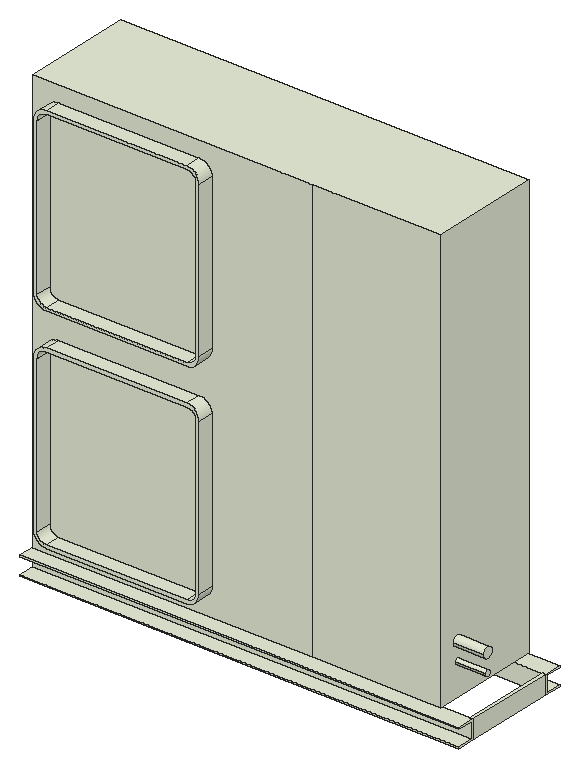
Revit family "Hydrablock 12-14-16", category Attrezzatura meccanica, Revit 2022 (continued)
Automatic sketch dimensions
  curve 48 to curve 67 = 0.000 mm  (x2)
  curve 48 to curve 68 = 0.000 mm  (x2)
  curve 49 to curve 50 = 0.000 mm  (x2)
  curve 49 to curve 51 = 0.000 mm  (x2)
  curve 49 to curve 52 = 0.000 mm  (x2)
  curve 49 to curve 53 = 0.000 mm  (x2)
  curve 49 to curve 54 = 0.000 mm  (x2)
  curve 49 to curve 55 = 0.000 mm  (x2)
  curve 49 to curve 56 = 0.000 mm  (x2)
  curve 49 to curve 57 = 0.000 mm  (x2)
  curve 49 to curve 58 = 0.000 mm  (x2)
  curve 49 to curve 59 = 0.000 mm  (x2)
  curve 49 to curve 60 = 0.000 mm  (x2)
  curve 49 to curve 61 = 0.000 mm  (x2)
  curve 49 to curve 62 = 0.000 mm  (x2)
  curve 49 to curve 63 = 0.000 mm  (x2)
  curve 49 to curve 64 = 0.000 mm  (x2)
  curve 49 to curve 65 = 0.000 mm  (x2)
  curve 49 to curve 66 = 0.000 mm  (x2)
  curve 49 to curve 67 = 0.000 mm  (x2)
  curve 49 to curve 68 = 0.000 mm  (x2)
  curve 50 to curve 51 = 0.000 mm  (x2)
  curve 50 to curve 52 = 0.000 mm  (x2)
  curve 50 to curve 53 = 0.000 mm  (x2)
  curve 50 to curve 54 = 0.000 mm  (x2)
  curve 50 to curve 55 = 0.000 mm  (x2)
  curve 50 to curve 56 = 0.000 mm  (x2)
  curve 50 to curve 57 = 0.000 mm  (x2)
  curve 50 to curve 58 = 0.000 mm  (x2)
  curve 50 to curve 59 = 0.000 mm  (x2)
  curve 50 to curve 60 = 0.000 mm  (x2)
  curve 50 to curve 61 = 0.000 mm  (x2)
  curve 50 to curve 62 = 0.000 mm  (x2)
  curve 50 to curve 63 = 0.000 mm  (x2)
  curve 50 to curve 64 = 0.000 mm  (x2)
  curve 50 to curve 65 = 0.000 mm  (x2)
  curve 50 to curve 66 = 0.000 mm  (x2)
  curve 50 to curve 67 = 0.000 mm  (x2)
  curve 50 to curve 68 = 0.000 mm  (x2)
  curve 51 to curve 52 = 0.000 mm  (x2)
  curve 51 to curve 53 = 0.000 mm  (x2)
  curve 51 to curve 54 = 0.000 mm  (x2)
  curve 51 to curve 55 = 0.000 mm  (x2)
  curve 51 to curve 56 = 0.000 mm  (x2)
  curve 51 to curve 57 = 0.000 mm  (x2)
  curve 51 to curve 58 = 0.000 mm  (x2)
  curve 51 to curve 59 = 0.000 mm  (x2)
  curve 51 to curve 60 = 0.000 mm  (x2)
  curve 51 to curve 61 = 0.000 mm  (x2)
  curve 51 to curve 62 = 0.000 mm  (x2)
  curve 51 to curve 63 = 0.000 mm  (x2)
  curve 51 to curve 64 = 0.000 mm  (x2)
  curve 51 to curve 65 = 0.000 mm  (x2)
  curve 51 to curve 66 = 0.000 mm  (x2)
  curve 51 to curve 67 = 0.000 mm  (x2)
  curve 51 to curve 68 = 0.000 mm  (x2)
  curve 52 to curve 53 = 0.000 mm  (x2)
  curve 52 to curve 54 = 0.000 mm  (x2)
  curve 52 to curve 55 = 0.000 mm  (x2)
  curve 52 to curve 56 = 0.000 mm  (x2)
  curve 52 to curve 57 = 0.000 mm  (x2)
  curve 52 to curve 58 = 0.000 mm  (x2)
  curve 52 to curve 59 = 0.000 mm  (x2)
  curve 52 to curve 60 = 0.000 mm  (x2)
  curve 52 to curve 61 = 0.000 mm  (x2)
  curve 52 to curve 62 = 0.000 mm  (x2)
  curve 52 to curve 63 = 0.000 mm  (x2)
  curve 52 to curve 64 = 0.000 mm  (x2)
  curve 52 to curve 65 = 0.000 mm  (x2)
  curve 52 to curve 66 = 0.000 mm  (x2)
  curve 52 to curve 67 = 0.000 mm  (x2)
  curve 52 to curve 68 = 0.000 mm  (x2)
  curve 53 to curve 54 = 0.000 mm  (x2)
  curve 53 to curve 55 = 0.000 mm  (x2)
  curve 53 to curve 56 = 0.000 mm  (x2)
  curve 53 to curve 57 = 0.000 mm  (x2)
  curve 53 to curve 58 = 0.000 mm  (x2)
  curve 53 to curve 59 = 0.000 mm  (x2)
  curve 53 to curve 60 = 0.000 mm  (x2)
  curve 53 to curve 61 = 0.000 mm  (x2)
  curve 53 to curve 62 = 0.000 mm  (x2)
  curve 53 to curve 63 = 0.000 mm  (x2)
  curve 53 to curve 64 = 0.000 mm  (x2)
  curve 53 to curve 65 = 0.000 mm  (x2)
  curve 53 to curve 66 = 0.000 mm  (x2)
  curve 53 to curve 67 = 0.000 mm  (x2)
  curve 53 to curve 68 = 0.000 mm  (x2)
  curve 54 to curve 55 = 0.000 mm  (x2)
  curve 54 to curve 56 = 0.000 mm  (x2)
  curve 54 to curve 57 = 0.000 mm  (x2)
  curve 54 to curve 58 = 0.000 mm  (x2)
  curve 54 to curve 59 = 0.000 mm  (x2)
  curve 54 to curve 60 = 0.000 mm  (x2)
  curve 54 to curve 61 = 0.000 mm  (x2)
  curve 54 to curve 62 = 0.000 mm  (x2)
  curve 54 to curve 63 = 0.000 mm  (x2)
  curve 54 to curve 64 = 0.000 mm  (x2)
  curve 54 to curve 65 = 0.000 mm  (x2)
  curve 54 to curve 66 = 0.000 mm  (x2)
  curve 54 to curve 67 = 0.000 mm  (x2)
  curve 54 to curve 68 = 0.000 mm  (x2)
  curve 55 to curve 56 = 0.000 mm  (x2)
  curve 55 to curve 57 = 0.000 mm  (x2)
  curve 55 to curve 58 = 0.000 mm  (x2)
  curve 55 to curve 59 = 0.000 mm  (x2)
  curve 55 to curve 60 = 0.000 mm  (x2)
  curve 55 to curve 61 = 0.000 mm  (x2)
  curve 55 to curve 62 = 0.000 mm  (x2)
  curve 55 to curve 63 = 0.000 mm  (x2)
  curve 55 to curve 64 = 0.000 mm  (x2)
  curve 55 to curve 65 = 0.000 mm  (x2)
  curve 55 to curve 66 = 0.000 mm  (x2)
  curve 55 to curve 67 = 0.000 mm  (x2)
  curve 55 to curve 68 = 0.000 mm  (x2)
  curve 56 to curve 57 = 0.000 mm  (x2)
  curve 56 to curve 58 = 0.000 mm  (x2)
  curve 56 to curve 59 = 0.000 mm  (x2)
  curve 56 to curve 60 = 0.000 mm  (x2)
  curve 56 to curve 61 = 0.000 mm  (x2)
  curve 56 to curve 62 = 0.000 mm  (x2)
  curve 56 to curve 63 = 0.000 mm  (x2)
  curve 56 to curve 64 = 0.000 mm  (x2)
  curve 56 to curve 65 = 0.000 mm  (x2)
  curve 56 to curve 66 = 0.000 mm  (x2)
  curve 56 to curve 67 = 0.000 mm  (x2)
  curve 56 to curve 68 = 0.000 mm  (x2)
  curve 57 to curve 58 = 0.000 mm  (x2)
  curve 57 to curve 59 = 0.000 mm  (x2)
  curve 57 to curve 60 = 0.000 mm  (x2)
  curve 57 to curve 61 = 0.000 mm  (x2)
  curve 57 to curve 62 = 0.000 mm  (x2)
  curve 57 to curve 63 = 0.000 mm  (x2)
  curve 57 to curve 64 = 0.000 mm  (x2)
  curve 57 to curve 65 = 0.000 mm  (x2)
  curve 57 to curve 66 = 0.000 mm  (x2)
  curve 57 to curve 67 = 0.000 mm  (x2)
  curve 57 to curve 68 = 0.000 mm  (x2)
  curve 58 to curve 59 = 0.000 mm  (x2)
  curve 58 to curve 60 = 0.000 mm  (x2)
  curve 58 to curve 61 = 0.000 mm  (x2)
  curve 58 to curve 62 = 0.000 mm  (x2)
  curve 58 to curve 63 = 0.000 mm  (x2)
  curve 58 to curve 64 = 0.000 mm  (x2)
  curve 58 to curve 65 = 0.000 mm  (x2)
  curve 58 to curve 66 = 0.000 mm  (x2)
  curve 58 to curve 67 = 0.000 mm  (x2)
  curve 58 to curve 68 = 0.000 mm  (x2)
  curve 59 to curve 60 = 0.000 mm  (x2)
  curve 59 to curve 61 = 0.000 mm  (x2)
  curve 59 to curve 62 = 0.000 mm  (x2)
  curve 59 to curve 63 = 0.000 mm  (x2)
  curve 59 to curve 64 = 0.000 mm  (x2)
  curve 59 to curve 65 = 0.000 mm  (x2)
  curve 59 to curve 66 = 0.000 mm  (x2)
  curve 59 to curve 67 = 0.000 mm  (x2)
  curve 59 to curve 68 = 0.000 mm  (x2)
  curve 60 to curve 61 = 0.000 mm  (x2)
  curve 60 to curve 62 = 0.000 mm  (x2)
  curve 60 to curve 63 = 0.000 mm  (x2)
  curve 60 to curve 64 = 0.000 mm  (x2)
  curve 60 to curve 65 = 0.000 mm  (x2)
  curve 60 to curve 66 = 0.000 mm  (x2)
  curve 60 to curve 67 = 0.000 mm  (x2)
  curve 60 to curve 68 = 0.000 mm  (x2)
  curve 61 to curve 62 = 0.000 mm  (x2)
  curve 61 to curve 63 = 0.000 mm  (x2)
  curve 61 to curve 64 = 0.000 mm  (x2)
  curve 61 to curve 65 = 0.000 mm  (x2)
  curve 61 to curve 66 = 0.000 mm  (x2)
  curve 61 to curve 67 = 0.000 mm  (x2)
  curve 61 to curve 68 = 0.000 mm  (x2)
  curve 62 to curve 63 = 0.000 mm  (x2)
  curve 62 to curve 64 = 0.000 mm  (x2)
  curve 62 to curve 65 = 0.000 mm  (x2)
  curve 62 to curve 66 = 0.000 mm  (x2)
  curve 62 to curve 67 = 0.000 mm  (x2)
  curve 62 to curve 68 = 0.000 mm  (x2)
  curve 63 to curve 64 = 0.000 mm  (x2)
  curve 63 to curve 65 = 0.000 mm  (x2)
  curve 63 to curve 66 = 0.000 mm  (x2)
  curve 63 to curve 67 = 0.000 mm  (x2)
  curve 63 to curve 68 = 0.000 mm  (x2)
  curve 64 to curve 65 = 0.000 mm  (x2)
  curve 64 to curve 66 = 0.000 mm  (x2)
  curve 64 to curve 67 = 0.000 mm  (x2)
  curve 64 to curve 68 = 0.000 mm  (x2)
  curve 65 to curve 66 = 0.000 mm  (x2)
  curve 65 to curve 67 = 0.000 mm  (x2)
  curve 65 to curve 68 = 0.000 mm  (x2)
  curve 66 to curve 67 = 0.000 mm  (x2)
  curve 66 to curve 68 = 0.000 mm  (x2)
  curve 67 to curve 68 = 0.000 mm  (x2)
  curve 3 to Extrusion 4 = 0.000 mm  (x2)
  Extrusion 4 to curve 3 = 253.000 mm
  Extrusion 4 to curve 2 = 0.000 mm
  curve 57 to Extrusion 4 = 0.000 mm
  Extrusion 4 to curve 72 = 4.389 mm
  Extrusion 4 to curve 73 = 5.000 mm
  Extrusion 4 to curve 72 = 0.776 mm
  Extrusion 4 to curve 72 = 23.221 mm
  Extrusion 4 to curve 29 = 30.000 mm
  curve 72 to curve 31 = 6.779 mm
  curve 29 to curve 46 = 11.058 mm
  curve 31 to curve 53 = 11.058 mm
  curve 53 to curve 52 = 16.784 mm
  curve 46 to curve 45 = 16.784 mm
  curve 45 to curve 75 = 17.795 mm
  curve 44 to curve 75 = 0.000 mm
  curve 52 to curve 51 = 17.795 mm
  curve 51 to curve 50 = 19.141 mm
  curve 44 to curve 43 = 19.141 mm
  curve 43 to curve 42 = 21.042 mm
  curve 50 to curve 49 = 21.042 mm
  curve 71 to curve 69 = 120.070 mm
  curve 49 to curve 48 = 23.980 mm
  curve 42 to curve 41 = 23.980 mm
  curve 41 to curve 74 = 20.935 mm
  curve 48 to curve 47 = 29.345 mm
  curve 41 to curve 40 = 29.345 mm
  curve 71 to curve 69 = 40.878 mm
  curve 36 to curve 71 = 0.000 mm
  curve 38 to curve 76 = 40.878 mm
  curve 21 to curve 73 = 1.000 mm
  curve 40 to curve 74 = 0.000 mm
  curve 76 to curve 75 = 22.272 mm
  curve 3 to curve 37 = 32.407 mm
  curve 3 to curve 61 = 40.878 mm
  curve 69 to curve 70 = 50.684 mm
  curve 61 to curve 62 = 44.977 mm
  curve 37 to curve 54 = 53.448 mm
  curve 54 to curve 55 = 29.345 mm
  curve 62 to curve 63 = 29.345 mm
  Extrusion 4 to curve 78 = 125.500 mm
  curve 55 to curve 70 = 23.980 mm
  curve 63 to curve 64 = 23.980 mm
  curve 56 to curve 70 = 0.000 mm
  curve 64 to curve 65 = 21.042 mm
  curve 70 to curve 57 = 21.042 mm
  Extrusion 4 to curve 76 = 85.649 mm
  curve 57 to curve 58 = 19.141 mm
  curve 65 to curve 66 = 19.141 mm
  curve 58 to curve 59 = 17.795 mm
  curve 66 to curve 67 = 17.795 mm
  curve 59 to curve 60 = 16.784 mm
  curve 67 to curve 68 = 16.784 mm
  curve 77 to curve 68 = 0.000 mm
  curve 60 to curve 31 = 9.058 mm
  curve 77 to curve 29 = 11.058 mm
  Extrusion 4 to curve 77 = 1.499 mm
  Extrusion 4 to curve 32 = 30.000 mm
  Extrusion 4 to curve 30 = 30.000 mm
  curve 32 to curve 60 = 5.151 mm
  Extrusion 4 to curve 70 = 129.000 mm
  curve 70 to curve 69 = 9.500 mm
  curve 69 to curve 71 = 14.703 mm
  curve 54 to curve 37 = 24.912 mm
  curve 37 to curve 35 = 22.538 mm
  curve 35 to curve 34 = 34.367 mm
  curve 34 to curve 72 = 25.677 mm
  curve 71 to curve 73 = 123.797 mm
  curve 75 to curve 70 = 0.000 mm
  curve 34 to curve 78 = 59.925 mm
  curve 77 to curve 72 = 0.000 mm
  curve 76 to curve 70 = 0.000 mm
  curve 74 to curve 45 = 0.000 mm
  curve 78 to curve 2 = 1.000 mm
  curve 2 to curve 33 = 49.744 mm
  curve 74 to curve 38 = 26.909 mm
  curve 39 to curve 74 = 0.000 mm
  curve 46 to curve 30 = 8.261 mm
  curve 68 to curve 32 = 7.151 mm
  curve 203 to Extrusion 1 = 0.000 mm  (x3)
  curve 202 to Extrusion 1 = 0.000 mm
  curve 204 to Extrusion 1 = 0.000 mm
  curve 107 to Extrusion 1 = 70.000 mm
  curve 115 to Extrusion 1 = 70.000 mm
  curve 109 to curve 106 = 0.000 mm
  curve 112 to Extrusion 1 = 52.405 mm
  curve 113 to curve 111 = 0.000 mm
  curve 108 to curve 109 = 0.000 mm
  curve 116 to Extrusion 1 = 71.405 mm
  curve 115 to curve 116 = 40.000 mm
  curve 113 to curve 110 = 39.852 mm
  curve 110 to curve 110 = 40.000 mm
  curve 109 to curve 108 = 39.486 mm
  curve 107 to curve 108 = 40.000 mm
  curve 205 to Extrusion 1 = 0.000 mm
  curve 207 to Extrusion 1 = 0.000 mm  (x2)
  curve 206 to Extrusion 1 = 0.000 mm  (x2)
  Extrusion 1 to curve 209 = 0.000 mm
  curve 209 to Extrusion 1 = 0.000 mm  (x2)
  curve 208 to Extrusion 1 = 0.000 mm  (x3)
  Extrusion 1 to curve 212 = 0.000 mm
  curve 212 to Extrusion 1 = 0.000 mm  (x2)
  curve 211 to Extrusion 1 = 0.000 mm
  curve 296 to Extrusion 1 = 67.797 mm
  Extrusion 1 to curve 293 = 31.968 mm
  curve 300 to curve 295 = 20.000 mm
  curve 296 to curve 293 = 20.000 mm
  Extrusion 1 to curve 295 = 53.032 mm
  curve 295 to Extrusion 1 = 198.008 mm
  curve 293 to Extrusion 1 = 198.008 mm
  curve 299 to curve 294 = 20.000 mm
  curve 297 to curve 291 = 46.517 mm
  curve 291 to curve 291 = 5.000 mm
  curve 292 to Extrusion 1 = 72.000 mm
  curve 292 to curve 292 = 5.000 mm
  curve 297 to curve 291 = 20.302 mm
  curve 292 to curve 299 = 192.968 mm
  Extrusion 7 sketch curve to Extrusion 7 sketch curve = 0.000 mm  (x5)
  plane 3 "中心(左/右)" to Extrusion 7 sketch curve = 573.000 mm
  plane 3 "中心(左/右)" to Extrusion 7 sketch curve = 533.000 mm
  level to Extrusion 7 sketch curve = 1363.000 mm
  Extrusion 7 sketch curve to Extrusion 7 sketch curve = 10.000 mm
  Extrusion 7 sketch curve to Extrusion 7 sketch curve = 30.000 mm
  plane 3 "中心(左/右)" to Extrusion 7 sketch curve = 85.000 mm  (x2)
  Extrusion 7 sketch curve to Extrusion 7 sketch curve = 2.000 mm
  Extrusion 7 sketch curve to Extrusion 7 sketch curve = 28.000 mm
  Extrusion 7 sketch curve to Extrusion 7 sketch curve = 0.983 mm
  Extrusion 7 sketch curve to Extrusion 7 sketch curve = 494.000 mm
  Extrusion 7 sketch curve to Extrusion 7 sketch curve = 1.000 mm
  curve 303 to curve 304 = 0.000 mm  (x2)
  curve 303 to curve 305 = 0.000 mm  (x2)
  curve 303 to curve 307 = 0.000 mm  (x2)
  curve 303 to curve 308 = 0.000 mm  (x2)
  curve 303 to curve 309 = 0.000 mm  (x2)
  curve 303 to curve 310 = 0.000 mm  (x2)
  curve 303 to curve 311 = 0.000 mm  (x2)
  curve 303 to curve 312 = 0.000 mm  (x2)
  curve 303 to curve 313 = 0.000 mm  (x2)
  curve 303 to curve 314 = 0.000 mm  (x2)
  curve 303 to curve 315 = 0.000 mm  (x2)
  curve 303 to curve 316 = 0.000 mm  (x2)
  curve 303 to curve 317 = 0.000 mm  (x2)
  curve 303 to curve 318 = 0.000 mm  (x2)
  curve 303 to curve 319 = 0.000 mm  (x2)
  curve 303 to curve 321 = 0.000 mm  (x2)
  curve 303 to curve 322 = 0.000 mm  (x2)
  curve 303 to curve 323 = 0.000 mm  (x2)
  curve 303 to curve 324 = 0.000 mm  (x2)
  curve 303 to curve 325 = 0.000 mm  (x2)
  curve 303 to curve 326 = 0.000 mm  (x2)
  curve 303 to curve 327 = 0.000 mm  (x2)
  curve 303 to curve 332 = 0.000 mm  (x2)
  curve 303 to curve 333 = 0.000 mm  (x2)
  curve 303 to curve 334 = 0.000 mm  (x2)
  curve 303 to curve 335 = 0.000 mm  (x2)
  curve 303 to curve 337 = 0.000 mm  (x2)
  curve 303 to curve 338 = 0.000 mm  (x2)
  curve 303 to curve 339 = 0.000 mm  (x2)
  curve 303 to curve 340 = 0.000 mm  (x2)
  curve 303 to curve 341 = 0.000 mm  (x2)
  curve 303 to curve 342 = 0.000 mm  (x2)
  curve 303 to curve 343 = 0.000 mm  (x2)
  curve 303 to curve 344 = 0.000 mm  (x2)
  curve 303 to curve 345 = 0.000 mm  (x2)
  curve 303 to curve 346 = 0.000 mm  (x2)
  curve 303 to curve 347 = 0.000 mm  (x2)
  curve 303 to curve 348 = 0.000 mm  (x2)
  curve 303 to curve 349 = 0.000 mm  (x2)
  curve 303 to curve 350 = 0.000 mm  (x2)
  curve 303 to curve 351 = 0.000 mm  (x2)
  curve 303 to curve 352 = 0.000 mm  (x2)
  curve 303 to curve 353 = 0.000 mm  (x2)
  curve 303 to curve 354 = 0.000 mm  (x2)
  curve 303 to curve 355 = 0.000 mm  (x2)
  curve 303 to curve 356 = 0.000 mm  (x2)
  curve 303 to curve 357 = 0.000 mm  (x2)
  curve 303 to curve 358 = 0.000 mm  (x2)
  curve 303 to curve 359 = 0.000 mm  (x2)
  curve 303 to curve 360 = 0.000 mm  (x2)
  curve 303 to curve 361 = 0.000 mm  (x2)
  curve 303 to curve 362 = 0.000 mm  (x2)
  curve 303 to curve 363 = 0.000 mm  (x2)
  curve 303 to curve 364 = 0.000 mm  (x2)
  curve 303 to curve 365 = 0.000 mm  (x2)
  curve 303 to curve 366 = 0.000 mm  (x2)
  curve 303 to curve 367 = 0.000 mm  (x2)
  curve 304 to curve 305 = 0.000 mm  (x2)
  curve 304 to curve 307 = 0.000 mm  (x2)
  curve 304 to curve 308 = 0.000 mm  (x2)
  curve 304 to curve 309 = 0.000 mm  (x2)
  curve 304 to curve 310 = 0.000 mm  (x2)
  curve 304 to curve 311 = 0.000 mm  (x2)
  curve 304 to curve 312 = 0.000 mm  (x2)
  curve 304 to curve 313 = 0.000 mm  (x2)
  curve 304 to curve 314 = 0.000 mm  (x2)
  curve 304 to curve 315 = 0.000 mm  (x2)
  curve 304 to curve 316 = 0.000 mm  (x2)
  curve 304 to curve 317 = 0.000 mm  (x2)
  curve 304 to curve 318 = 0.000 mm  (x2)
  curve 304 to curve 319 = 0.000 mm  (x2)
  curve 304 to curve 321 = 0.000 mm  (x2)
  curve 304 to curve 322 = 0.000 mm  (x2)
  curve 304 to curve 323 = 0.000 mm  (x2)
  curve 304 to curve 324 = 0.000 mm  (x2)
  curve 304 to curve 325 = 0.000 mm  (x2)
  curve 304 to curve 326 = 0.000 mm  (x2)
  curve 304 to curve 327 = 0.000 mm  (x2)
  curve 304 to curve 332 = 0.000 mm  (x2)
  curve 304 to curve 333 = 0.000 mm  (x2)
  curve 304 to curve 334 = 0.000 mm  (x2)
  curve 304 to curve 335 = 0.000 mm  (x2)
  curve 304 to curve 337 = 0.000 mm  (x2)
  curve 304 to curve 338 = 0.000 mm  (x2)
  curve 304 to curve 339 = 0.000 mm  (x2)
  curve 304 to curve 340 = 0.000 mm  (x2)
  curve 304 to curve 341 = 0.000 mm  (x2)
  curve 304 to curve 342 = 0.000 mm  (x2)
  curve 304 to curve 343 = 0.000 mm  (x2)
  curve 304 to curve 344 = 0.000 mm  (x2)
  curve 304 to curve 345 = 0.000 mm  (x2)
  curve 304 to curve 346 = 0.000 mm  (x2)
  curve 304 to curve 347 = 0.000 mm  (x2)
  curve 304 to curve 348 = 0.000 mm  (x2)
  curve 304 to curve 349 = 0.000 mm  (x2)
  curve 304 to curve 350 = 0.000 mm  (x2)
  curve 304 to curve 351 = 0.000 mm  (x2)
  curve 304 to curve 352 = 0.000 mm  (x2)
  curve 304 to curve 353 = 0.000 mm  (x2)
  curve 304 to curve 354 = 0.000 mm  (x2)
  curve 304 to curve 355 = 0.000 mm  (x2)
  curve 304 to curve 356 = 0.000 mm  (x2)
  curve 304 to curve 357 = 0.000 mm  (x2)
  curve 304 to curve 358 = 0.000 mm  (x2)
  curve 304 to curve 359 = 0.000 mm  (x2)
  curve 304 to curve 360 = 0.000 mm  (x2)
  curve 304 to curve 361 = 0.000 mm  (x2)
  curve 304 to curve 362 = 0.000 mm  (x2)
  curve 304 to curve 363 = 0.000 mm  (x2)
  curve 304 to curve 364 = 0.000 mm  (x2)
  curve 304 to curve 365 = 0.000 mm  (x2)
  curve 304 to curve 366 = 0.000 mm  (x2)
  curve 304 to curve 367 = 0.000 mm  (x2)
  curve 305 to curve 307 = 0.000 mm  (x2)
  curve 305 to curve 308 = 0.000 mm  (x2)
  curve 305 to curve 309 = 0.000 mm  (x2)
  curve 305 to curve 310 = 0.000 mm  (x2)
  curve 305 to curve 311 = 0.000 mm  (x2)
  curve 305 to curve 312 = 0.000 mm  (x2)
  curve 305 to curve 313 = 0.000 mm  (x2)
  curve 305 to curve 314 = 0.000 mm  (x2)
  curve 305 to curve 315 = 0.000 mm  (x2)
  curve 305 to curve 316 = 0.000 mm  (x2)
  curve 305 to curve 317 = 0.000 mm  (x2)
  curve 305 to curve 318 = 0.000 mm  (x2)
  curve 305 to curve 319 = 0.000 mm  (x2)
  curve 305 to curve 321 = 0.000 mm  (x2)
  curve 305 to curve 322 = 0.000 mm  (x2)
  curve 305 to curve 323 = 0.000 mm  (x2)
  curve 305 to curve 324 = 0.000 mm  (x2)
  curve 305 to curve 325 = 0.000 mm  (x2)
  curve 305 to curve 326 = 0.000 mm  (x2)
  curve 305 to curve 327 = 0.000 mm  (x2)
  curve 305 to curve 332 = 0.000 mm  (x2)
  curve 305 to curve 333 = 0.000 mm  (x2)
  curve 305 to curve 334 = 0.000 mm  (x2)
  curve 305 to curve 335 = 0.000 mm  (x2)
  curve 305 to curve 337 = 0.000 mm  (x2)
  curve 305 to curve 338 = 0.000 mm  (x2)
  curve 305 to curve 339 = 0.000 mm  (x2)
  curve 305 to curve 340 = 0.000 mm  (x2)
  curve 305 to curve 341 = 0.000 mm  (x2)
  curve 305 to curve 342 = 0.000 mm  (x2)
  curve 305 to curve 343 = 0.000 mm  (x2)
  curve 305 to curve 344 = 0.000 mm  (x2)
  curve 305 to curve 345 = 0.000 mm  (x2)
  curve 305 to curve 346 = 0.000 mm  (x2)
  curve 305 to curve 347 = 0.000 mm  (x2)
  curve 305 to curve 348 = 0.000 mm  (x2)
  curve 305 to curve 349 = 0.000 mm  (x2)
  curve 305 to curve 350 = 0.000 mm  (x2)
  curve 305 to curve 351 = 0.000 mm  (x2)
  curve 305 to curve 352 = 0.000 mm  (x2)
  curve 305 to curve 353 = 0.000 mm  (x2)
  curve 305 to curve 354 = 0.000 mm  (x2)
  curve 305 to curve 355 = 0.000 mm  (x2)
  curve 305 to curve 356 = 0.000 mm  (x2)
  curve 305 to curve 357 = 0.000 mm  (x2)
  curve 305 to curve 358 = 0.000 mm  (x2)
  curve 305 to curve 359 = 0.000 mm  (x2)
  curve 305 to curve 360 = 0.000 mm  (x2)
  curve 305 to curve 361 = 0.000 mm  (x2)
  curve 305 to curve 362 = 0.000 mm  (x2)
  curve 305 to curve 363 = 0.000 mm  (x2)
  curve 305 to curve 364 = 0.000 mm  (x2)
  curve 305 to curve 365 = 0.000 mm  (x2)
  curve 305 to curve 366 = 0.000 mm  (x2)
  curve 305 to curve 367 = 0.000 mm  (x2)
  curve 306 to curve 320 = 0.000 mm  (x2)
  curve 306 to curve 336 = 0.000 mm  (x2)
  curve 307 to curve 308 = 0.000 mm  (x2)
  curve 307 to curve 309 = 0.000 mm  (x2)
  curve 307 to curve 310 = 0.000 mm  (x2)
  curve 307 to curve 311 = 0.000 mm  (x2)
  curve 307 to curve 312 = 0.000 mm  (x2)
  curve 307 to curve 313 = 0.000 mm  (x2)
  curve 307 to curve 314 = 0.000 mm  (x2)
  curve 307 to curve 315 = 0.000 mm  (x2)
  curve 307 to curve 316 = 0.000 mm  (x2)
  curve 307 to curve 317 = 0.000 mm  (x2)
  curve 307 to curve 318 = 0.000 mm  (x2)
  curve 307 to curve 319 = 0.000 mm  (x2)
  curve 307 to curve 321 = 0.000 mm  (x2)
  curve 307 to curve 322 = 0.000 mm  (x2)
  curve 307 to curve 323 = 0.000 mm  (x2)
  curve 307 to curve 324 = 0.000 mm  (x2)
  curve 307 to curve 325 = 0.000 mm  (x2)
  curve 307 to curve 326 = 0.000 mm  (x2)
  curve 307 to curve 327 = 0.000 mm  (x2)
  curve 307 to curve 332 = 0.000 mm  (x2)
  curve 307 to curve 333 = 0.000 mm  (x2)
  curve 307 to curve 334 = 0.000 mm  (x2)
  curve 307 to curve 335 = 0.000 mm  (x2)
  curve 307 to curve 337 = 0.000 mm  (x2)
  curve 307 to curve 338 = 0.000 mm  (x2)
  curve 307 to curve 339 = 0.000 mm  (x2)
  curve 307 to curve 340 = 0.000 mm  (x2)
  curve 307 to curve 341 = 0.000 mm  (x2)
  curve 307 to curve 342 = 0.000 mm  (x2)
  curve 307 to curve 343 = 0.000 mm  (x2)
  curve 307 to curve 344 = 0.000 mm  (x2)
  curve 307 to curve 345 = 0.000 mm  (x2)
  curve 307 to curve 346 = 0.000 mm  (x2)
  curve 307 to curve 347 = 0.000 mm  (x2)
  curve 307 to curve 348 = 0.000 mm  (x2)
  curve 307 to curve 349 = 0.000 mm  (x2)
  curve 307 to curve 350 = 0.000 mm  (x2)
  curve 307 to curve 351 = 0.000 mm  (x2)
  curve 307 to curve 352 = 0.000 mm  (x2)
  curve 307 to curve 353 = 0.000 mm  (x2)
  curve 307 to curve 354 = 0.000 mm  (x2)
  curve 307 to curve 355 = 0.000 mm  (x2)
  curve 307 to curve 356 = 0.000 mm  (x2)
  curve 307 to curve 357 = 0.000 mm  (x2)
  curve 307 to curve 358 = 0.000 mm  (x2)
  curve 307 to curve 359 = 0.000 mm  (x2)
  curve 307 to curve 360 = 0.000 mm  (x2)
  curve 307 to curve 361 = 0.000 mm  (x2)
  curve 307 to curve 362 = 0.000 mm  (x2)
  curve 307 to curve 363 = 0.000 mm  (x2)
  curve 307 to curve 364 = 0.000 mm  (x2)
  curve 307 to curve 365 = 0.000 mm  (x2)
  curve 307 to curve 366 = 0.000 mm  (x2)
  curve 307 to curve 367 = 0.000 mm  (x2)
  curve 308 to curve 309 = 0.000 mm  (x2)
  curve 308 to curve 310 = 0.000 mm  (x2)
  curve 308 to curve 311 = 0.000 mm  (x2)
  curve 308 to curve 312 = 0.000 mm  (x2)
  curve 308 to curve 313 = 0.000 mm  (x2)
  curve 308 to curve 314 = 0.000 mm  (x2)
  curve 308 to curve 315 = 0.000 mm  (x2)
  curve 308 to curve 316 = 0.000 mm  (x2)
  curve 308 to curve 317 = 0.000 mm  (x2)
  curve 308 to curve 318 = 0.000 mm  (x2)
  curve 308 to curve 319 = 0.000 mm  (x2)
  curve 308 to curve 321 = 0.000 mm  (x2)
  curve 308 to curve 322 = 0.000 mm  (x2)
  curve 308 to curve 323 = 0.000 mm  (x2)
  curve 308 to curve 324 = 0.000 mm  (x2)
  curve 308 to curve 325 = 0.000 mm  (x2)
  curve 308 to curve 326 = 0.000 mm  (x2)
  curve 308 to curve 327 = 0.000 mm  (x2)
  curve 308 to curve 332 = 0.000 mm  (x2)
  curve 308 to curve 333 = 0.000 mm  (x2)
  curve 308 to curve 334 = 0.000 mm  (x2)
  curve 308 to curve 335 = 0.000 mm  (x2)
  curve 308 to curve 337 = 0.000 mm  (x2)
  curve 308 to curve 338 = 0.000 mm  (x2)
  curve 308 to curve 339 = 0.000 mm  (x2)
  curve 308 to curve 340 = 0.000 mm  (x2)
  curve 308 to curve 341 = 0.000 mm  (x2)
  curve 308 to curve 342 = 0.000 mm  (x2)
  curve 308 to curve 343 = 0.000 mm  (x2)
  curve 308 to curve 344 = 0.000 mm  (x2)
  curve 308 to curve 345 = 0.000 mm  (x2)
  curve 308 to curve 346 = 0.000 mm  (x2)
  curve 308 to curve 347 = 0.000 mm  (x2)
  curve 308 to curve 348 = 0.000 mm  (x2)
  curve 308 to curve 349 = 0.000 mm  (x2)
  curve 308 to curve 350 = 0.000 mm  (x2)
  curve 308 to curve 351 = 0.000 mm  (x2)
  curve 308 to curve 352 = 0.000 mm  (x2)
  curve 308 to curve 353 = 0.000 mm  (x2)
  curve 308 to curve 354 = 0.000 mm  (x2)
  curve 308 to curve 355 = 0.000 mm  (x2)
  curve 308 to curve 356 = 0.000 mm  (x2)
  curve 308 to curve 357 = 0.000 mm  (x2)
  curve 308 to curve 358 = 0.000 mm  (x2)
  curve 308 to curve 359 = 0.000 mm  (x2)
  curve 308 to curve 360 = 0.000 mm  (x2)
  curve 308 to curve 361 = 0.000 mm  (x2)
  curve 308 to curve 362 = 0.000 mm  (x2)
  curve 308 to curve 363 = 0.000 mm  (x2)
  curve 308 to curve 364 = 0.000 mm  (x2)
  curve 308 to curve 365 = 0.000 mm  (x2)
  curve 308 to curve 366 = 0.000 mm  (x2)
  curve 308 to curve 367 = 0.000 mm  (x2)
  curve 309 to curve 310 = 0.000 mm  (x2)
  curve 309 to curve 311 = 0.000 mm  (x2)
  curve 309 to curve 312 = 0.000 mm  (x2)
  curve 309 to curve 313 = 0.000 mm  (x2)
  curve 309 to curve 314 = 0.000 mm  (x2)
  curve 309 to curve 315 = 0.000 mm  (x2)
  curve 309 to curve 316 = 0.000 mm  (x2)
  curve 309 to curve 317 = 0.000 mm  (x2)
  curve 309 to curve 318 = 0.000 mm  (x2)
  curve 309 to curve 319 = 0.000 mm  (x2)
  curve 309 to curve 321 = 0.000 mm  (x2)
  curve 309 to curve 322 = 0.000 mm  (x2)
  curve 309 to curve 323 = 0.000 mm  (x2)
  curve 309 to curve 324 = 0.000 mm  (x2)
  curve 309 to curve 325 = 0.000 mm  (x2)
  curve 309 to curve 326 = 0.000 mm  (x2)
  curve 309 to curve 327 = 0.000 mm  (x2)
  curve 309 to curve 332 = 0.000 mm  (x2)
  curve 309 to curve 333 = 0.000 mm  (x2)
  curve 309 to curve 334 = 0.000 mm  (x2)
  curve 309 to curve 335 = 0.000 mm  (x2)
  curve 309 to curve 337 = 0.000 mm  (x2)
  curve 309 to curve 338 = 0.000 mm  (x2)
  curve 309 to curve 339 = 0.000 mm  (x2)
  curve 309 to curve 340 = 0.000 mm  (x2)
  curve 309 to curve 341 = 0.000 mm  (x2)
  curve 309 to curve 342 = 0.000 mm  (x2)
  curve 309 to curve 343 = 0.000 mm  (x2)
  curve 309 to curve 344 = 0.000 mm  (x2)
  curve 309 to curve 345 = 0.000 mm  (x2)
  curve 309 to curve 346 = 0.000 mm  (x2)
  curve 309 to curve 347 = 0.000 mm  (x2)
  curve 309 to curve 348 = 0.000 mm  (x2)
  curve 309 to curve 349 = 0.000 mm  (x2)
  curve 309 to curve 350 = 0.000 mm  (x2)
  curve 309 to curve 351 = 0.000 mm  (x2)
  curve 309 to curve 352 = 0.000 mm  (x2)
  curve 309 to curve 353 = 0.000 mm  (x2)
  curve 309 to curve 354 = 0.000 mm  (x2)
  curve 309 to curve 355 = 0.000 mm  (x2)
  curve 309 to curve 356 = 0.000 mm  (x2)
  curve 309 to curve 357 = 0.000 mm  (x2)
  curve 309 to curve 358 = 0.000 mm  (x2)
  curve 309 to curve 359 = 0.000 mm  (x2)
  curve 309 to curve 360 = 0.000 mm  (x2)
  curve 309 to curve 361 = 0.000 mm  (x2)
  curve 309 to curve 362 = 0.000 mm  (x2)
  curve 309 to curve 363 = 0.000 mm  (x2)
  curve 309 to curve 364 = 0.000 mm  (x2)
  curve 309 to curve 365 = 0.000 mm  (x2)
  curve 309 to curve 366 = 0.000 mm  (x2)
  curve 309 to curve 367 = 0.000 mm  (x2)
  curve 310 to curve 311 = 0.000 mm  (x2)
  curve 310 to curve 312 = 0.000 mm  (x2)
  curve 310 to curve 313 = 0.000 mm  (x2)
  curve 310 to curve 314 = 0.000 mm  (x2)
  curve 310 to curve 315 = 0.000 mm  (x2)
  curve 310 to curve 316 = 0.000 mm  (x2)
  curve 310 to curve 317 = 0.000 mm  (x2)
  curve 310 to curve 318 = 0.000 mm  (x2)
  curve 310 to curve 319 = 0.000 mm  (x2)
  curve 310 to curve 321 = 0.000 mm  (x2)
  curve 310 to curve 322 = 0.000 mm  (x2)
  curve 310 to curve 323 = 0.000 mm  (x2)
  curve 310 to curve 324 = 0.000 mm  (x2)
  curve 310 to curve 325 = 0.000 mm  (x2)
  curve 310 to curve 326 = 0.000 mm  (x2)
  curve 310 to curve 327 = 0.000 mm  (x2)
  curve 310 to curve 332 = 0.000 mm  (x2)
  curve 310 to curve 333 = 0.000 mm  (x2)
  curve 310 to curve 334 = 0.000 mm  (x2)
  curve 310 to curve 335 = 0.000 mm  (x2)
  curve 310 to curve 337 = 0.000 mm  (x2)
  curve 310 to curve 338 = 0.000 mm  (x2)
  curve 310 to curve 339 = 0.000 mm  (x2)
  curve 310 to curve 340 = 0.000 mm  (x2)
  curve 310 to curve 341 = 0.000 mm  (x2)
  curve 310 to curve 342 = 0.000 mm  (x2)
  curve 310 to curve 343 = 0.000 mm  (x2)
  curve 310 to curve 344 = 0.000 mm  (x2)
  curve 310 to curve 345 = 0.000 mm  (x2)
  curve 310 to curve 346 = 0.000 mm  (x2)
  curve 310 to curve 347 = 0.000 mm  (x2)
  curve 310 to curve 348 = 0.000 mm  (x2)
  curve 310 to curve 349 = 0.000 mm  (x2)
  curve 310 to curve 350 = 0.000 mm  (x2)
  curve 310 to curve 351 = 0.000 mm  (x2)
  curve 310 to curve 352 = 0.000 mm  (x2)
  curve 310 to curve 353 = 0.000 mm  (x2)
  curve 310 to curve 354 = 0.000 mm  (x2)
  curve 310 to curve 355 = 0.000 mm  (x2)
  curve 310 to curve 356 = 0.000 mm  (x2)
  curve 310 to curve 357 = 0.000 mm  (x2)
  curve 310 to curve 358 = 0.000 mm  (x2)
  curve 310 to curve 359 = 0.000 mm  (x2)
  curve 310 to curve 360 = 0.000 mm  (x2)
  curve 310 to curve 361 = 0.000 mm  (x2)
  curve 310 to curve 362 = 0.000 mm  (x2)
  curve 310 to curve 363 = 0.000 mm  (x2)
  curve 310 to curve 364 = 0.000 mm  (x2)
  curve 310 to curve 365 = 0.000 mm  (x2)
  curve 310 to curve 366 = 0.000 mm  (x2)
  curve 310 to curve 367 = 0.000 mm  (x2)
  curve 311 to curve 312 = 0.000 mm  (x2)
  curve 311 to curve 313 = 0.000 mm  (x2)
  curve 311 to curve 314 = 0.000 mm  (x2)
  curve 311 to curve 315 = 0.000 mm  (x2)
  curve 311 to curve 316 = 0.000 mm  (x2)
  curve 311 to curve 317 = 0.000 mm  (x2)
  curve 311 to curve 318 = 0.000 mm  (x2)
  curve 311 to curve 319 = 0.000 mm  (x2)
  curve 311 to curve 321 = 0.000 mm  (x2)
  curve 311 to curve 322 = 0.000 mm  (x2)
  curve 311 to curve 323 = 0.000 mm  (x2)
  curve 311 to curve 324 = 0.000 mm  (x2)
  curve 311 to curve 325 = 0.000 mm  (x2)
  curve 311 to curve 326 = 0.000 mm  (x2)
  curve 311 to curve 327 = 0.000 mm  (x2)
  curve 311 to curve 332 = 0.000 mm  (x2)
  curve 311 to curve 333 = 0.000 mm  (x2)
  curve 311 to curve 334 = 0.000 mm  (x2)
  curve 311 to curve 335 = 0.000 mm  (x2)
  curve 311 to curve 337 = 0.000 mm  (x2)
  curve 311 to curve 338 = 0.000 mm  (x2)
  curve 311 to curve 339 = 0.000 mm  (x2)
  curve 311 to curve 340 = 0.000 mm  (x2)
  curve 311 to curve 341 = 0.000 mm  (x2)
  curve 311 to curve 342 = 0.000 mm  (x2)
  curve 311 to curve 343 = 0.000 mm  (x2)
  curve 311 to curve 344 = 0.000 mm  (x2)
  curve 311 to curve 345 = 0.000 mm  (x2)
  curve 311 to curve 346 = 0.000 mm  (x2)
  curve 311 to curve 347 = 0.000 mm  (x2)
  curve 311 to curve 348 = 0.000 mm  (x2)
  curve 311 to curve 349 = 0.000 mm  (x2)
  curve 311 to curve 350 = 0.000 mm  (x2)
  curve 311 to curve 351 = 0.000 mm  (x2)
  curve 311 to curve 352 = 0.000 mm  (x2)
  curve 311 to curve 353 = 0.000 mm  (x2)
  curve 311 to curve 354 = 0.000 mm  (x2)
  curve 311 to curve 355 = 0.000 mm  (x2)
  curve 311 to curve 356 = 0.000 mm  (x2)
  curve 311 to curve 357 = 0.000 mm  (x2)
  curve 311 to curve 358 = 0.000 mm  (x2)
  curve 311 to curve 359 = 0.000 mm  (x2)
  curve 311 to curve 360 = 0.000 mm  (x2)
  curve 311 to curve 361 = 0.000 mm  (x2)
  curve 311 to curve 362 = 0.000 mm  (x2)
  curve 311 to curve 363 = 0.000 mm  (x2)
  curve 311 to curve 364 = 0.000 mm  (x2)
  curve 311 to curve 365 = 0.000 mm  (x2)
  curve 311 to curve 366 = 0.000 mm  (x2)
  curve 311 to curve 367 = 0.000 mm  (x2)
  curve 312 to curve 313 = 0.000 mm  (x2)
  curve 312 to curve 314 = 0.000 mm  (x2)
  curve 312 to curve 315 = 0.000 mm  (x2)
  curve 312 to curve 316 = 0.000 mm  (x2)
  curve 312 to curve 317 = 0.000 mm  (x2)
  curve 312 to curve 318 = 0.000 mm  (x2)
  curve 312 to curve 319 = 0.000 mm  (x2)
  curve 312 to curve 321 = 0.000 mm  (x2)
  curve 312 to curve 322 = 0.000 mm  (x2)
  curve 312 to curve 323 = 0.000 mm  (x2)
  curve 312 to curve 324 = 0.000 mm  (x2)
  curve 312 to curve 325 = 0.000 mm  (x2)
  curve 312 to curve 326 = 0.000 mm  (x2)
  curve 312 to curve 327 = 0.000 mm  (x2)
  curve 312 to curve 332 = 0.000 mm  (x2)
  curve 312 to curve 333 = 0.000 mm  (x2)
  curve 312 to curve 334 = 0.000 mm  (x2)
  curve 312 to curve 335 = 0.000 mm  (x2)
  curve 312 to curve 337 = 0.000 mm  (x2)
  curve 312 to curve 338 = 0.000 mm  (x2)
  curve 312 to curve 339 = 0.000 mm  (x2)
  curve 312 to curve 340 = 0.000 mm  (x2)
  curve 312 to curve 341 = 0.000 mm  (x2)
  curve 312 to curve 342 = 0.000 mm  (x2)
  curve 312 to curve 343 = 0.000 mm  (x2)
  curve 312 to curve 344 = 0.000 mm  (x2)
  curve 312 to curve 345 = 0.000 mm  (x2)
  curve 312 to curve 346 = 0.000 mm  (x2)
  curve 312 to curve 347 = 0.000 mm  (x2)
  curve 312 to curve 348 = 0.000 mm  (x2)
  curve 312 to curve 349 = 0.000 mm  (x2)
  curve 312 to curve 350 = 0.000 mm  (x2)
  curve 312 to curve 351 = 0.000 mm  (x2)
  curve 312 to curve 352 = 0.000 mm  (x2)
  curve 312 to curve 353 = 0.000 mm  (x2)
  curve 312 to curve 354 = 0.000 mm  (x2)
  curve 312 to curve 355 = 0.000 mm  (x2)
  curve 312 to curve 356 = 0.000 mm  (x2)
  curve 312 to curve 357 = 0.000 mm  (x2)
  curve 312 to curve 358 = 0.000 mm  (x2)
  curve 312 to curve 359 = 0.000 mm  (x2)
  curve 312 to curve 360 = 0.000 mm  (x2)
  curve 312 to curve 361 = 0.000 mm  (x2)
  curve 312 to curve 362 = 0.000 mm  (x2)
  curve 312 to curve 363 = 0.000 mm  (x2)
  curve 312 to curve 364 = 0.000 mm  (x2)
  curve 312 to curve 365 = 0.000 mm  (x2)
  curve 312 to curve 366 = 0.000 mm  (x2)
  curve 312 to curve 367 = 0.000 mm  (x2)
  curve 313 to curve 314 = 0.000 mm  (x2)
  curve 313 to curve 315 = 0.000 mm  (x2)
  curve 313 to curve 316 = 0.000 mm  (x2)
  curve 313 to curve 317 = 0.000 mm  (x2)
  curve 313 to curve 318 = 0.000 mm  (x2)
  curve 313 to curve 319 = 0.000 mm  (x2)
  curve 313 to curve 321 = 0.000 mm  (x2)
  curve 313 to curve 322 = 0.000 mm  (x2)
  curve 313 to curve 323 = 0.000 mm  (x2)
  curve 313 to curve 324 = 0.000 mm  (x2)
  curve 313 to curve 325 = 0.000 mm  (x2)
  curve 313 to curve 326 = 0.000 mm  (x2)
  curve 313 to curve 327 = 0.000 mm  (x2)
  curve 313 to curve 332 = 0.000 mm  (x2)
  curve 313 to curve 333 = 0.000 mm  (x2)
  curve 313 to curve 334 = 0.000 mm  (x2)
  curve 313 to curve 335 = 0.000 mm  (x2)
  curve 313 to curve 337 = 0.000 mm  (x2)
  curve 313 to curve 338 = 0.000 mm  (x2)
  curve 313 to curve 339 = 0.000 mm  (x2)
  curve 313 to curve 340 = 0.000 mm  (x2)
  curve 313 to curve 341 = 0.000 mm  (x2)
  curve 313 to curve 342 = 0.000 mm  (x2)
  curve 313 to curve 343 = 0.000 mm  (x2)
  curve 313 to curve 344 = 0.000 mm  (x2)
  curve 313 to curve 345 = 0.000 mm  (x2)
  curve 313 to curve 346 = 0.000 mm  (x2)
  curve 313 to curve 347 = 0.000 mm  (x2)
  curve 313 to curve 348 = 0.000 mm  (x2)
  curve 313 to curve 349 = 0.000 mm  (x2)
  curve 313 to curve 350 = 0.000 mm  (x2)
  curve 313 to curve 351 = 0.000 mm  (x2)
  curve 313 to curve 352 = 0.000 mm  (x2)
  curve 313 to curve 353 = 0.000 mm  (x2)
  curve 313 to curve 354 = 0.000 mm  (x2)
  curve 313 to curve 355 = 0.000 mm  (x2)
  curve 313 to curve 356 = 0.000 mm  (x2)
  curve 313 to curve 357 = 0.000 mm  (x2)
  curve 313 to curve 358 = 0.000 mm  (x2)
  curve 313 to curve 359 = 0.000 mm  (x2)
  curve 313 to curve 360 = 0.000 mm  (x2)
  curve 313 to curve 361 = 0.000 mm  (x2)
  curve 313 to curve 362 = 0.000 mm  (x2)
  curve 313 to curve 363 = 0.000 mm  (x2)
  curve 313 to curve 364 = 0.000 mm  (x2)
  curve 313 to curve 365 = 0.000 mm  (x2)
  curve 313 to curve 366 = 0.000 mm  (x2)
  curve 313 to curve 367 = 0.000 mm  (x2)
  curve 314 to curve 315 = 0.000 mm  (x2)
  curve 314 to curve 316 = 0.000 mm  (x2)
  curve 314 to curve 317 = 0.000 mm  (x2)
  curve 314 to curve 318 = 0.000 mm  (x2)
  curve 314 to curve 319 = 0.000 mm  (x2)
  curve 314 to curve 321 = 0.000 mm  (x2)
  curve 314 to curve 322 = 0.000 mm  (x2)
  curve 314 to curve 323 = 0.000 mm  (x2)
  curve 314 to curve 324 = 0.000 mm  (x2)
  curve 314 to curve 325 = 0.000 mm  (x2)
  curve 314 to curve 326 = 0.000 mm  (x2)
  curve 314 to curve 327 = 0.000 mm  (x2)
  curve 314 to curve 332 = 0.000 mm  (x2)
  curve 314 to curve 333 = 0.000 mm  (x2)
  curve 314 to curve 334 = 0.000 mm  (x2)
  curve 314 to curve 335 = 0.000 mm  (x2)
  curve 314 to curve 337 = 0.000 mm  (x2)
  curve 314 to curve 338 = 0.000 mm  (x2)
  curve 314 to curve 339 = 0.000 mm  (x2)
  curve 314 to curve 340 = 0.000 mm  (x2)
  curve 314 to curve 341 = 0.000 mm  (x2)
  curve 314 to curve 342 = 0.000 mm  (x2)
  curve 314 to curve 343 = 0.000 mm  (x2)
  curve 314 to curve 344 = 0.000 mm  (x2)
  curve 314 to curve 345 = 0.000 mm  (x2)
  curve 314 to curve 346 = 0.000 mm  (x2)
  curve 314 to curve 347 = 0.000 mm  (x2)
  curve 314 to curve 348 = 0.000 mm  (x2)
  curve 314 to curve 349 = 0.000 mm  (x2)
  curve 314 to curve 350 = 0.000 mm  (x2)
  curve 314 to curve 351 = 0.000 mm  (x2)
  curve 314 to curve 352 = 0.000 mm  (x2)
  curve 314 to curve 353 = 0.000 mm  (x2)
  curve 314 to curve 354 = 0.000 mm  (x2)
  curve 314 to curve 355 = 0.000 mm  (x2)
  curve 314 to curve 356 = 0.000 mm  (x2)
  curve 314 to curve 357 = 0.000 mm  (x2)
  curve 314 to curve 358 = 0.000 mm  (x2)
  curve 314 to curve 359 = 0.000 mm  (x2)
  curve 314 to curve 360 = 0.000 mm  (x2)
  curve 314 to curve 361 = 0.000 mm  (x2)
  curve 314 to curve 362 = 0.000 mm  (x2)
  curve 314 to curve 363 = 0.000 mm  (x2)
  curve 314 to curve 364 = 0.000 mm  (x2)
  curve 314 to curve 365 = 0.000 mm  (x2)
  curve 314 to curve 366 = 0.000 mm  (x2)
  curve 314 to curve 367 = 0.000 mm  (x2)
  curve 315 to curve 316 = 0.000 mm  (x2)
  curve 315 to curve 317 = 0.000 mm  (x2)
  curve 315 to curve 318 = 0.000 mm  (x2)
  curve 315 to curve 319 = 0.000 mm  (x2)
  curve 315 to curve 321 = 0.000 mm  (x2)
  curve 315 to curve 322 = 0.000 mm  (x2)
  curve 315 to curve 323 = 0.000 mm  (x2)
  curve 315 to curve 324 = 0.000 mm  (x2)
  curve 315 to curve 325 = 0.000 mm  (x2)
  curve 315 to curve 326 = 0.000 mm  (x2)
  curve 315 to curve 327 = 0.000 mm  (x2)
  curve 315 to curve 332 = 0.000 mm  (x2)
  curve 315 to curve 333 = 0.000 mm  (x2)
  curve 315 to curve 334 = 0.000 mm  (x2)
  curve 315 to curve 335 = 0.000 mm  (x2)
  curve 315 to curve 337 = 0.000 mm  (x2)
  curve 315 to curve 338 = 0.000 mm  (x2)
  curve 315 to curve 339 = 0.000 mm  (x2)
  curve 315 to curve 340 = 0.000 mm  (x2)
  curve 315 to curve 341 = 0.000 mm  (x2)
  curve 315 to curve 342 = 0.000 mm  (x2)
  curve 315 to curve 343 = 0.000 mm  (x2)
  curve 315 to curve 344 = 0.000 mm  (x2)
  curve 315 to curve 345 = 0.000 mm  (x2)
  curve 315 to curve 346 = 0.000 mm  (x2)
  curve 315 to curve 347 = 0.000 mm  (x2)
  curve 315 to curve 348 = 0.000 mm  (x2)
  curve 315 to curve 349 = 0.000 mm  (x2)
  curve 315 to curve 350 = 0.000 mm  (x2)
  curve 315 to curve 351 = 0.000 mm  (x2)
  curve 315 to curve 352 = 0.000 mm  (x2)
  curve 315 to curve 353 = 0.000 mm  (x2)
  curve 315 to curve 354 = 0.000 mm  (x2)
  curve 315 to curve 355 = 0.000 mm  (x2)
  curve 315 to curve 356 = 0.000 mm  (x2)
  curve 315 to curve 357 = 0.000 mm  (x2)
  curve 315 to curve 358 = 0.000 mm  (x2)
  curve 315 to curve 359 = 0.000 mm  (x2)
  curve 315 to curve 360 = 0.000 mm  (x2)
  curve 315 to curve 361 = 0.000 mm  (x2)
  curve 315 to curve 362 = 0.000 mm  (x2)
  curve 315 to curve 363 = 0.000 mm  (x2)
  curve 315 to curve 364 = 0.000 mm  (x2)
  curve 315 to curve 365 = 0.000 mm  (x2)
  curve 315 to curve 366 = 0.000 mm  (x2)
  curve 315 to curve 367 = 0.000 mm  (x2)
  curve 316 to curve 317 = 0.000 mm  (x2)
  curve 316 to curve 318 = 0.000 mm  (x2)
  curve 316 to curve 319 = 0.000 mm  (x2)
  curve 316 to curve 321 = 0.000 mm  (x2)
  curve 316 to curve 322 = 0.000 mm  (x2)
  curve 316 to curve 323 = 0.000 mm  (x2)
  curve 316 to curve 324 = 0.000 mm  (x2)
  curve 316 to curve 325 = 0.000 mm  (x2)
  curve 316 to curve 326 = 0.000 mm  (x2)
  curve 316 to curve 327 = 0.000 mm  (x2)
  curve 316 to curve 332 = 0.000 mm  (x2)
  curve 316 to curve 333 = 0.000 mm  (x2)
  curve 316 to curve 334 = 0.000 mm  (x2)
  curve 316 to curve 335 = 0.000 mm  (x2)
  curve 316 to curve 337 = 0.000 mm  (x2)
  curve 316 to curve 338 = 0.000 mm  (x2)
  curve 316 to curve 339 = 0.000 mm  (x2)
  curve 316 to curve 340 = 0.000 mm  (x2)
  curve 316 to curve 341 = 0.000 mm  (x2)
  curve 316 to curve 342 = 0.000 mm  (x2)
  curve 316 to curve 343 = 0.000 mm  (x2)
  curve 316 to curve 344 = 0.000 mm  (x2)
  curve 316 to curve 345 = 0.000 mm  (x2)
  curve 316 to curve 346 = 0.000 mm  (x2)
  curve 316 to curve 347 = 0.000 mm  (x2)
  curve 316 to curve 348 = 0.000 mm  (x2)
  curve 316 to curve 349 = 0.000 mm  (x2)
  curve 316 to curve 350 = 0.000 mm  (x2)
  curve 316 to curve 351 = 0.000 mm  (x2)
  curve 316 to curve 352 = 0.000 mm  (x2)
  curve 316 to curve 353 = 0.000 mm  (x2)
  curve 316 to curve 354 = 0.000 mm  (x2)
  curve 316 to curve 355 = 0.000 mm  (x2)
  curve 316 to curve 356 = 0.000 mm  (x2)
  curve 316 to curve 357 = 0.000 mm  (x2)
  curve 316 to curve 358 = 0.000 mm  (x2)
  curve 316 to curve 359 = 0.000 mm  (x2)
  curve 316 to curve 360 = 0.000 mm  (x2)
  curve 316 to curve 361 = 0.000 mm  (x2)
  curve 316 to curve 362 = 0.000 mm  (x2)
  curve 316 to curve 363 = 0.000 mm  (x2)
  curve 316 to curve 364 = 0.000 mm  (x2)
  curve 316 to curve 365 = 0.000 mm  (x2)
  curve 316 to curve 366 = 0.000 mm  (x2)
  curve 316 to curve 367 = 0.000 mm  (x2)
  curve 317 to curve 318 = 0.000 mm  (x2)
  curve 317 to curve 319 = 0.000 mm  (x2)
  curve 317 to curve 321 = 0.000 mm  (x2)
  curve 317 to curve 322 = 0.000 mm  (x2)
  curve 317 to curve 323 = 0.000 mm  (x2)
  curve 317 to curve 324 = 0.000 mm  (x2)
  curve 317 to curve 325 = 0.000 mm  (x2)
  curve 317 to curve 326 = 0.000 mm  (x2)
  curve 317 to curve 327 = 0.000 mm  (x2)
  curve 317 to curve 332 = 0.000 mm  (x2)
  curve 317 to curve 333 = 0.000 mm  (x2)
  curve 317 to curve 334 = 0.000 mm  (x2)
  curve 317 to curve 335 = 0.000 mm  (x2)
  curve 317 to curve 337 = 0.000 mm  (x2)
  curve 317 to curve 338 = 0.000 mm  (x2)
  curve 317 to curve 339 = 0.000 mm  (x2)
  curve 317 to curve 340 = 0.000 mm  (x2)
  curve 317 to curve 341 = 0.000 mm  (x2)
  curve 317 to curve 342 = 0.000 mm  (x2)
  curve 317 to curve 343 = 0.000 mm  (x2)
  curve 317 to curve 344 = 0.000 mm  (x2)
  curve 317 to curve 345 = 0.000 mm  (x2)
  curve 317 to curve 346 = 0.000 mm  (x2)
  curve 317 to curve 347 = 0.000 mm  (x2)
  curve 317 to curve 348 = 0.000 mm  (x2)
  curve 317 to curve 349 = 0.000 mm  (x2)
  curve 317 to curve 350 = 0.000 mm  (x2)
  curve 317 to curve 351 = 0.000 mm  (x2)
  curve 317 to curve 352 = 0.000 mm  (x2)
  curve 317 to curve 353 = 0.000 mm  (x2)
  curve 317 to curve 354 = 0.000 mm  (x2)
  curve 317 to curve 355 = 0.000 mm  (x2)
  curve 317 to curve 356 = 0.000 mm  (x2)
  curve 317 to curve 357 = 0.000 mm  (x2)
  curve 317 to curve 358 = 0.000 mm  (x2)
  curve 317 to curve 359 = 0.000 mm  (x2)
  curve 317 to curve 360 = 0.000 mm  (x2)
  curve 317 to curve 361 = 0.000 mm  (x2)
  curve 317 to curve 362 = 0.000 mm  (x2)
  curve 317 to curve 363 = 0.000 mm  (x2)
  curve 317 to curve 364 = 0.000 mm  (x2)
  curve 317 to curve 365 = 0.000 mm  (x2)
  curve 317 to curve 366 = 0.000 mm  (x2)
  curve 317 to curve 367 = 0.000 mm  (x2)
  curve 318 to curve 319 = 0.000 mm  (x2)
  curve 318 to curve 321 = 0.000 mm  (x2)
  curve 318 to curve 322 = 0.000 mm  (x2)
  curve 318 to curve 323 = 0.000 mm  (x2)
  curve 318 to curve 324 = 0.000 mm  (x2)
  curve 318 to curve 325 = 0.000 mm  (x2)
  curve 318 to curve 326 = 0.000 mm  (x2)
  curve 318 to curve 327 = 0.000 mm  (x2)
  curve 318 to curve 332 = 0.000 mm  (x2)
  curve 318 to curve 333 = 0.000 mm  (x2)
  curve 318 to curve 334 = 0.000 mm  (x2)
  curve 318 to curve 335 = 0.000 mm  (x2)
  curve 318 to curve 337 = 0.000 mm  (x2)
  curve 318 to curve 338 = 0.000 mm  (x2)
  curve 318 to curve 339 = 0.000 mm  (x2)
  curve 318 to curve 340 = 0.000 mm  (x2)
  curve 318 to curve 341 = 0.000 mm  (x2)
  curve 318 to curve 342 = 0.000 mm  (x2)
  curve 318 to curve 343 = 0.000 mm  (x2)
  curve 318 to curve 344 = 0.000 mm  (x2)
  curve 318 to curve 345 = 0.000 mm  (x2)
  curve 318 to curve 346 = 0.000 mm  (x2)
  curve 318 to curve 347 = 0.000 mm  (x2)
  curve 318 to curve 348 = 0.000 mm  (x2)
  curve 318 to curve 349 = 0.000 mm  (x2)
  curve 318 to curve 350 = 0.000 mm  (x2)
  curve 318 to curve 351 = 0.000 mm  (x2)
  curve 318 to curve 352 = 0.000 mm  (x2)
  curve 318 to curve 353 = 0.000 mm  (x2)
  curve 318 to curve 354 = 0.000 mm  (x2)
  curve 318 to curve 355 = 0.000 mm  (x2)
  curve 318 to curve 356 = 0.000 mm  (x2)
  curve 318 to curve 357 = 0.000 mm  (x2)
  curve 318 to curve 358 = 0.000 mm  (x2)
  curve 318 to curve 359 = 0.000 mm  (x2)
  curve 318 to curve 360 = 0.000 mm  (x2)
  curve 318 to curve 361 = 0.000 mm  (x2)
  curve 318 to curve 362 = 0.000 mm  (x2)
  curve 318 to curve 363 = 0.000 mm  (x2)
  curve 318 to curve 364 = 0.000 mm  (x2)
  curve 318 to curve 365 = 0.000 mm  (x2)
  curve 318 to curve 366 = 0.000 mm  (x2)
  curve 318 to curve 367 = 0.000 mm  (x2)
  curve 319 to curve 321 = 0.000 mm  (x2)
  curve 319 to curve 322 = 0.000 mm  (x2)
  curve 319 to curve 323 = 0.000 mm  (x2)
  curve 319 to curve 324 = 0.000 mm  (x2)
  curve 319 to curve 325 = 0.000 mm  (x2)
  curve 319 to curve 326 = 0.000 mm  (x2)
  curve 319 to curve 327 = 0.000 mm  (x2)
  curve 319 to curve 332 = 0.000 mm  (x2)
  curve 319 to curve 333 = 0.000 mm  (x2)
  curve 319 to curve 334 = 0.000 mm  (x2)
  curve 319 to curve 335 = 0.000 mm  (x2)
  curve 319 to curve 337 = 0.000 mm  (x2)
  curve 319 to curve 338 = 0.000 mm  (x2)
  curve 319 to curve 339 = 0.000 mm  (x2)
  curve 319 to curve 340 = 0.000 mm  (x2)
  curve 319 to curve 341 = 0.000 mm  (x2)
  curve 319 to curve 342 = 0.000 mm  (x2)
  curve 319 to curve 343 = 0.000 mm  (x2)
  curve 319 to curve 344 = 0.000 mm  (x2)
  curve 319 to curve 345 = 0.000 mm  (x2)
  curve 319 to curve 346 = 0.000 mm  (x2)
  curve 319 to curve 347 = 0.000 mm  (x2)
  curve 319 to curve 348 = 0.000 mm  (x2)
  curve 319 to curve 349 = 0.000 mm  (x2)
  curve 319 to curve 350 = 0.000 mm  (x2)
  curve 319 to curve 351 = 0.000 mm  (x2)
  curve 319 to curve 352 = 0.000 mm  (x2)
  curve 319 to curve 353 = 0.000 mm  (x2)
  curve 319 to curve 354 = 0.000 mm  (x2)
  curve 319 to curve 355 = 0.000 mm  (x2)
  curve 319 to curve 356 = 0.000 mm  (x2)
  curve 319 to curve 357 = 0.000 mm  (x2)
  curve 319 to curve 358 = 0.000 mm  (x2)
  curve 319 to curve 359 = 0.000 mm  (x2)
  curve 319 to curve 360 = 0.000 mm  (x2)
  curve 319 to curve 361 = 0.000 mm  (x2)
  curve 319 to curve 362 = 0.000 mm  (x2)
  curve 319 to curve 363 = 0.000 mm  (x2)
  curve 319 to curve 364 = 0.000 mm  (x2)
  curve 319 to curve 365 = 0.000 mm  (x2)
  curve 319 to curve 366 = 0.000 mm  (x2)
  curve 319 to curve 367 = 0.000 mm  (x2)
  curve 320 to curve 336 = 0.000 mm  (x2)
  curve 321 to curve 322 = 0.000 mm  (x2)
  curve 321 to curve 323 = 0.000 mm  (x2)
  curve 321 to curve 324 = 0.000 mm  (x2)
  curve 321 to curve 325 = 0.000 mm  (x2)
  curve 321 to curve 326 = 0.000 mm  (x2)
  curve 321 to curve 327 = 0.000 mm  (x2)
  curve 321 to curve 332 = 0.000 mm  (x2)
  curve 321 to curve 333 = 0.000 mm  (x2)
  curve 321 to curve 334 = 0.000 mm  (x2)
  curve 321 to curve 335 = 0.000 mm  (x2)
  curve 321 to curve 337 = 0.000 mm  (x2)
  curve 321 to curve 338 = 0.000 mm  (x2)
  curve 321 to curve 339 = 0.000 mm  (x2)
  curve 321 to curve 340 = 0.000 mm  (x2)
  curve 321 to curve 341 = 0.000 mm  (x2)
  curve 321 to curve 342 = 0.000 mm  (x2)
  curve 321 to curve 343 = 0.000 mm  (x2)
  curve 321 to curve 344 = 0.000 mm  (x2)
  curve 321 to curve 345 = 0.000 mm  (x2)
  curve 321 to curve 346 = 0.000 mm  (x2)
  curve 321 to curve 347 = 0.000 mm  (x2)
  curve 321 to curve 348 = 0.000 mm  (x2)
  curve 321 to curve 349 = 0.000 mm  (x2)
  curve 321 to curve 350 = 0.000 mm  (x2)
  curve 321 to curve 351 = 0.000 mm  (x2)
  curve 321 to curve 352 = 0.000 mm  (x2)
  curve 321 to curve 353 = 0.000 mm  (x2)
  curve 321 to curve 354 = 0.000 mm  (x2)
  curve 321 to curve 355 = 0.000 mm  (x2)
  curve 321 to curve 356 = 0.000 mm  (x2)
  curve 321 to curve 357 = 0.000 mm  (x2)
  curve 321 to curve 358 = 0.000 mm  (x2)
  curve 321 to curve 359 = 0.000 mm  (x2)
  curve 321 to curve 360 = 0.000 mm  (x2)
  curve 321 to curve 361 = 0.000 mm  (x2)
  curve 321 to curve 362 = 0.000 mm  (x2)
  curve 321 to curve 363 = 0.000 mm  (x2)
  curve 321 to curve 364 = 0.000 mm  (x2)
  curve 321 to curve 365 = 0.000 mm  (x2)
  curve 321 to curve 366 = 0.000 mm  (x2)
  curve 321 to curve 367 = 0.000 mm  (x2)
  curve 322 to curve 323 = 0.000 mm  (x2)
  curve 322 to curve 324 = 0.000 mm  (x2)
  curve 322 to curve 325 = 0.000 mm  (x2)
  curve 322 to curve 326 = 0.000 mm  (x2)
  curve 322 to curve 327 = 0.000 mm  (x2)
  curve 322 to curve 332 = 0.000 mm  (x2)
  curve 322 to curve 333 = 0.000 mm  (x2)
  curve 322 to curve 334 = 0.000 mm  (x2)
  curve 322 to curve 335 = 0.000 mm  (x2)
  curve 322 to curve 337 = 0.000 mm  (x2)
  curve 322 to curve 338 = 0.000 mm  (x2)
  curve 322 to curve 339 = 0.000 mm  (x2)
  curve 322 to curve 340 = 0.000 mm  (x2)
  curve 322 to curve 341 = 0.000 mm  (x2)
